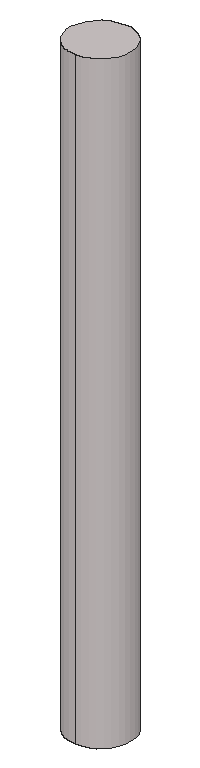
Revit family "Concrete Round", category 기둥, Revit 2026
Family settings
  로드될 때 보이드를 사용하여 절단 = 아니오
  자동으로 형상을 벽에 결합합니다 = 예
  공유 = 아니오
  평면도에서 미리 절단된 패밀리 표시 = 예
Parameters (values of type "300 mm Dia")
  Diameter = 300 mm
  Column Material = RCC
Reference planes
  plane 1 "Center (Front/Back)": y = 100
  plane 2: z = 0
  plane 3 "Center (Left/Right)": x = 100
  plane 4 "Left": x = -50
  plane 5 "Right": x = 250
  plane 6 "Back": y = 250
  plane 7 "Front": y = -50
Forms (mm)
  Extrusion 1, solid, material "RCC" <- "Column Material"
    sketch origin (0, 0, 0) x (1, 0, 0) y (0, 1, 0)
      loop
        circle (100, 100) r 150
    from 0 to 3000
Lines and regions (mm)
  symbolic lines
    curve 1: arc (100, 250, 0) -> (250, 100, 0) -> (100, -50, 0) r 150
    curve 2: arc (100, 250, 0) -> (-50, 100, 0) -> (100, -50, 0) r 150
Dimensions and locks
  equal spacing: plane 4 "Left", plane 3 "Center (Left/Right)", plane 5 "Right"
  equal spacing: plane 7 "Front", plane 1 "Center (Front/Back)", plane 6 "Back"
  "Diameter": plane 4 "Left" to plane 5 "Right"
  "Diameter": plane 7 "Front" to plane 6 "Back"
  aligned and locked: plane 6 "Back" to Extrusion 1 sketch curve
  aligned and locked: plane 7 "Front" to Extrusion 1 sketch curve
  aligned and locked: level to Extrusion 1
Automatic sketch dimensions
  Extrusion 1 sketch curve to plane 3 "Center (Left/Right)" = 0 mm
  curve 2 to plane 3 "Center (Left/Right)" = 0 mm
  curve 1 to plane 7 "Front" = 0 mm
  curve 1 to plane 1 "Center (Front/Back)" = 0 mm
